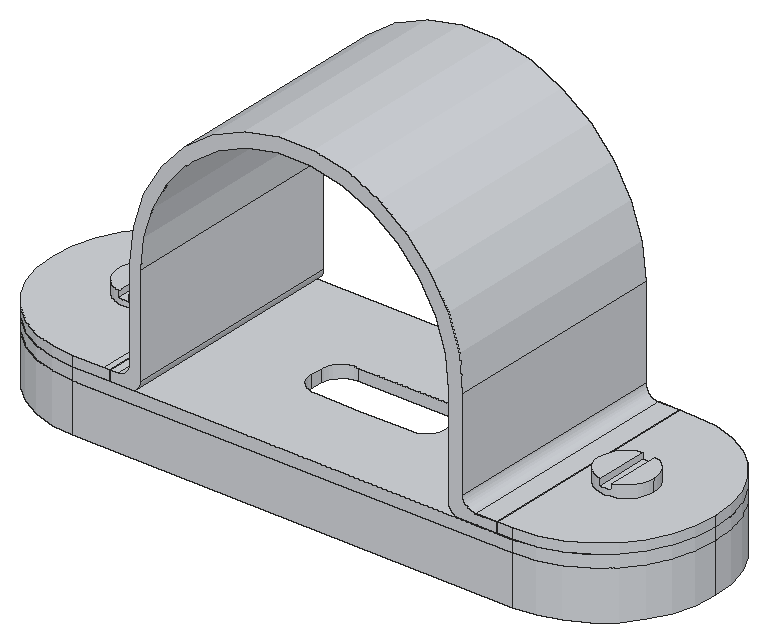
Revit family "SBS25BL", category Generic Models, Revit 2020
Family settings
  Can host rebar = No
  Round Connector Dimension = Use Diameter
  Part Type = Normal
  Work Plane-Based = Yes
  Always vertical = No
  Cut with Voids When Loaded = No
  Shared = No
  Room Calculation Point = No
Parameters (values of type "NBS Standard Parameters")
  Weight = "0.025Kg"
  WarrantyStartDate [instance] = "1900-12-31T23:59:59"
  WarrantyGuarantorParts = "n/a"
  WarrantyGuarantorLabor = "n/a"
  WarrantyDurationUnit = "1 year"
  WarrantyDurationParts = "n/a"
  WarrantyDurationLabor = "n/a"
  WarrantyDescription = "n/a"
  Version = "1"
  Uniclass2 = "Pr_65_70_11_20"
  TagNumber [instance] = "n/a"
  SustainabilityPerformance = "n/a"
  Size = "25mm"
  Shape = "n/a"
  SerialNumber [instance] = "n/a"
  Revision = "n/a"
  ReplacementCost = "n/a"
  ProductInformation = "www.metpro.co.uk/pdf/sbs25bl.pdf"
  NominalWidth = 22 mm
  NominalLength = 57 mm
  NominalHeight = 28 mm
  Name = ""
  NBSTypeID = ""
  NBSReference = "90-55-10/460"
  NBSOfficeMasterTag = ""
  NBSNote = ""
  NBSDescription = "Conduit Fittings"
  NBSCertification = ""
  ModelReference = "SBS25BL"
  ModelNumber = "n/a"
  Material = "Pressed Steel"
  ManufacturerURL = "www.metpro.co.uk"
  ManufacturerName = "Metpro Ltd"
  InstallationDate [instance] = "1900-12-31T23:59:59"
  IfcExportType = ""
  IfcExportAs = ""
  Grade = "n/a"
  Finish = "Black"
  Features = "n/a"
  ExpectedLife = "n/a"
  DurationUnit = "year"
  Description = "SBS25B  - 25mm Spacer Bar Saddle"
  Default Elevation = 1219.2 mm
  Constituents = "n/a"
  Color = "n/a"
  CodePerformance = "n/a"
  Category = "n/a"
  BarCode [instance] = "n/a"
  BIMObjectName = "Metpro_metprolibrary_conduitfittings_metalcomponent_steelaccessories"
  Author = "Metpro Ltd"
  AssetType = ""
  AssetIdentifier [instance] = "n/a"
  AccessibilityPerformance = "n/a"
Reference planes
  plane 1 "Center (Front/Back)": y = 0
  plane 2: z = 0
  plane 3 "Center (Left/Right)": x = 0
Forms (mm)
  Extrusion 1, solid
    sketch origin (0, 8.858, 9.642) x (1, 0, 0) y (0, 0, 1)
      loop
        line (12.5, 0) -> (12.5, -8.137)
        arc (12.5, -8.137) -> (12.734, -8.702) -> (13.3, -8.937) r 0.8
        line (13.3, -8.937) -> (16.361, -8.937) -> (16.361, -8.137) -> (14.599, -8.137)
        arc (14.599, -8.137) -> (13.908, -7.851) -> (13.622, -7.16) r 0.977
        line (13.622, -7.16) -> (13.622, 0.169)
        arc (13.622, 0.169) -> (0.122, 13.669) -> (-13.378, 0.169) r 13.5
        line (-13.378, 0.169) -> (-13.378, -7.165)
        arc (-13.378, -7.165) -> (-13.662, -7.852) -> (-14.35, -8.137) r 0.972
        line (-14.35, -8.137) -> (-15.468, -8.137) -> (-15.468, -8.953) -> (-13.355, -8.953)
        arc (-13.355, -8.953) -> (-12.75, -8.703) -> (-12.5, -8.099) r 0.855
        line (-12.5, -8.099) -> (-12.5, 0)
        arc (-12.5, 0) -> (0, 12.5) -> (12.5, 0) r 12.5
    from 0 to 18.5
  Extrusion 2, solid
    sketch origin (-23.542, 8.858, 0.689) x (0, -1, 0) y (-1, 0, 0)
      loop
        arc (18.5, -5.567) -> (15.772, 0.89) -> (9.241, 3.434) r 9.004
        arc (9.241, 3.434) -> (2.723, 0.894) -> (0, -5.55) r 8.987
        line (0, -5.55) -> (0, -41.224)
        arc (0, -41.224) -> (2.721, -47.666) -> (9.237, -50.206) r 8.986
        arc (9.237, -50.206) -> (15.771, -47.659) -> (18.5, -41.198) r 9.012
        line (18.5, -41.198) -> (18.5, -5.567)
      loop
        line (11.669, -23.542) -> (11.669, -19.735)
        arc (11.669, -19.735) -> (11.157, -18.499) -> (9.921, -17.987) r 1.748
        line (9.921, -17.987) -> (8.961, -17.987)
        arc (8.961, -17.987) -> (7.772, -18.48) -> (7.279, -19.67) r 1.683
        line (7.279, -19.67) -> (7.279, -27.345)
        arc (7.279, -27.345) -> (7.781, -28.557) -> (8.994, -29.06) r 1.715
        line (8.994, -29.06) -> (9.979, -29.06)
        arc (9.979, -29.06) -> (11.174, -28.565) -> (11.669, -27.37) r 1.69
        line (11.669, -27.37) -> (11.669, -23.542)
    from 0 to 1
  Extrusion 3, solid
    sketch origin (-23.542, 8.858, -0.311) x (0, -1, 0) y (1, 0, 0)
      loop
        line (18.5, 5.567) -> (18.5, 41.198)
        arc (18.5, 41.198) -> (15.771, 47.659) -> (9.237, 50.206) r 9.012
        arc (9.237, 50.206) -> (2.721, 47.666) -> (0, 41.224) r 8.986
        line (0, 41.224) -> (0, 5.55)
        arc (0, 5.55) -> (2.723, -0.894) -> (9.241, -3.434) r 8.987
        arc (9.241, -3.434) -> (15.772, -0.89) -> (18.5, 5.567) r 9.004
      loop
        line (17.5, 5.567) -> (17.5, 41.198)
        arc (17.5, 41.198) -> (15.064, 46.951) -> (9.237, 49.206) r 8.012
        arc (9.237, 49.206) -> (3.429, 46.959) -> (1, 41.224) r 7.986
        line (1, 41.224) -> (1, 5.55)
        arc (1, 5.55) -> (3.43, -0.187) -> (9.241, -2.433) r 7.987
        arc (9.241, -2.433) -> (15.065, -0.182) -> (17.5, 5.567) r 8.004
    from 0 to -3.953
  Extrusion 4, solid
    sketch origin (10.708, 8.858, 1.505) x (1, 0, 0) y (0, 1, 0)
      loop
        circle (8.769, -9.237) r 2.242
      loop
        circle (-30.191, -9.237) r 2.242
    from 0 to 0.948
  Extrusion 5, void
    sketch origin (10.708, 8.858, 2.454) x (0, 1, 0) y (1, 0, 0)
      loop
        line (-11.916, -29.82) -> (-11.916, -30.657) -> (-6.427, -30.657) -> (-6.427, -29.82) -> (-11.916, -29.82)
      loop
        line (-11.916, 8.318) -> (-6.283, 8.318) -> (-6.283, 9.317) -> (-11.916, 9.317) -> (-11.916, 8.318)
    from 0 to 0.5
  Extrusion 6, solid
    sketch origin (-13.378, 8.858, 1.505) x (-1, 0, 0) y (0, -1, 0)
      loop
        line (4.598, 18.5) -> (1.646, 18.5) -> (1.646, 0) -> (4.615, 0)
        arc (4.615, 0) -> (11.059, 2.723) -> (13.599, 9.241) r 8.987
        arc (13.599, 9.241) -> (11.054, 15.772) -> (4.598, 18.5) r 9.004
      loop
        line (-31.059, 0) -> (-28.144, 0) -> (-28.144, 18.5) -> (-31.033, 18.5)
        arc (-31.033, 18.5) -> (-37.494, 15.771) -> (-40.042, 9.237) r 9.012
        arc (-40.042, 9.237) -> (-37.501, 2.721) -> (-31.059, 0) r 8.986
    from 0 to -0.8
Cuts and joins
  Extrusion 5 cuts Extrusion 2
  Extrusion 5 cuts Extrusion 4
Dimensions and locks
  aligned and locked: level to plane 2
